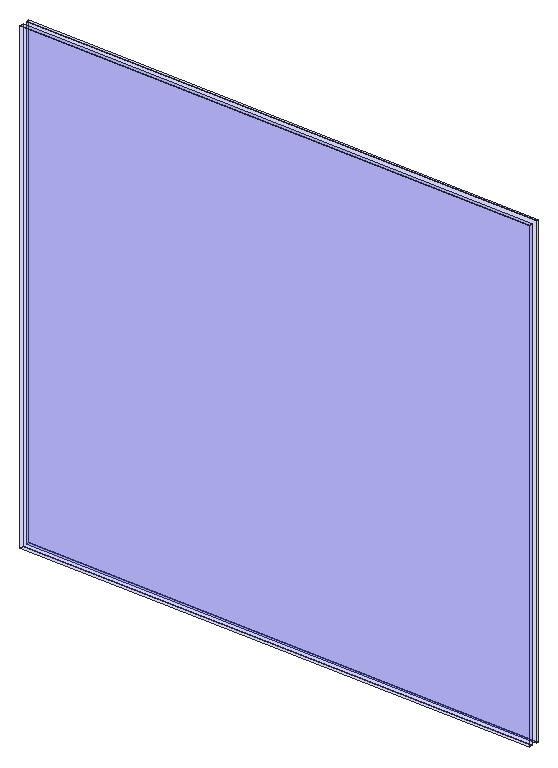
Revit family
Parameters (values of type "31 glasdubbel")
  plaatsingsmarge = 3 mm
  materiaal glas = Glass
  hoogte [instance] = 920 mm
  glasdikte voorzijde = 8 mm
  glasdikte achterzijde = 5 mm
  dikte = 22 mm
  breedte [instance] = 1000 mm
  Width = 1000 mm
  Rough Height = 156.4 mm
  Height = 920 mm
  Assembly Code = ""
Reference planes
  plane 1 "Center (Front/Back)": y = -47.092
  plane 2: z = 0
  plane 3 "Center (Left/Right)": x = 55.695
  plane 4 "onderzijde glas": z = 841.699
  plane 5 "Bovenzijde glas": z = 1755.699
  plane 6 "rechterzijde glas": x = 552.695
  plane 7 "Linkerzijdeglas": x = -441.305
  plane 8 "Voorzijde glas": y = -58.092
  plane 9 "Achterzijde glas": y = -36.092
  plane 10 "links": x = -444.305
  plane 11 "rechts": x = 555.695
  plane 12 "achter": y = -33.092
  plane 13 "voorzijde": y = -61.092
  plane 14 "bovenzijde": z = 1758.699
  plane 15 "onderzijde": z = 838.699
Forms (mm)
  Extrusion 1, solid, material "Glass" <- "materiaal glas", detail levels fine
    sketch origin (0, 0, 841.699) x (1, 0, 0) y (0, 1, 0)
      loop
        line (-441.305, -58.092) -> (552.695, -58.092) -> (552.695, -50.092) -> (-441.305, -50.092) -> (-441.305, -58.092)
    from 0 to 914
  Extrusion 2, solid, material "Glass" <- "materiaal glas", detail levels fine
    sketch origin (0, 280, 841.699) x (1, 0, 0) y (0, 1, 0)
      loop
        line (-441.305, -321.092) -> (552.695, -321.092) -> (552.695, -316.092) -> (-441.305, -316.092) -> (-441.305, -321.092)
    from 0 to 914
  Extrusion 3, solid, material "Glass" <- "materiaal glas", detail levels medium
    sketch origin (0, -425.801, 841.699) x (1, 0, 0) y (0, 1, 0)
      loop
        line (-441.305, 367.71) -> (552.695, 367.71) -> (552.695, 389.71) -> (-441.305, 389.71) -> (-441.305, 367.71)
    from 0 to 914
Lines and regions (mm)
  symbolic lines, detail levels medium
    curve 1: line (-441.305, -47.092, 0) -> (-441.305, -36.092, 0)
    curve 2: line (552.695, -36.092, 0) -> (552.695, -47.092, 0)
  symbolic lines, detail levels coarse
    curve 3: line (552.695, -47.092, 0) -> (-441.305, -47.092, 0)
  symbolic lines, detail levels fine
    curve 4: line (-441.305, -50.092, 0) -> (-441.305, -41.092, 0)
    curve 5: line (-429.305, -50.092, 0) -> (-429.305, -41.092, 0)
    curve 6: line (552.695, -47.092, 0) -> (552.695, -36.092, 0)
    curve 7: line (540.695, -50.092, 0) -> (540.695, -41.092, 0)
  symbolic lines, detail levels coarse+medium
    curve 8: line (-441.305, -47.092, 841.699) -> (-441.305, -47.092, 1755.699)
    curve 9: line (-441.305, -47.092, 1755.699) -> (552.695, -47.092, 1755.699)
    curve 10: line (552.695, -47.092, 1755.699) -> (552.695, -47.092, 841.699)
    curve 11: line (552.695, -47.092, 841.699) -> (-441.305, -47.092, 841.699)
    curve 12: line (55.695, -36.092, 841.699) -> (55.695, -36.092, 1755.699)
    curve 13: line (55.695, -36.092, 1755.699) -> (55.695, -58.092, 1755.699)
    curve 14: line (55.695, -58.092, 1755.699) -> (55.695, -58.092, 841.699)
    curve 15: line (55.695, -58.092, 841.699) -> (55.695, -36.092, 841.699)
Dimensions and locks
  equal spacing: plane 7 "Linkerzijdeglas", plane 3 "Center (Left/Right)", plane 6 "rechterzijde glas"
  equal spacing: plane 9 "Achterzijde glas", plane 1 "Center (Front/Back)", plane 8 "Voorzijde glas"
  "dikte": plane 9 "Achterzijde glas" to plane 8 "Voorzijde glas"
  "glasdikte voorzijde": Extrusion 1 sketch curve to Extrusion 1 sketch curve
  "plaatsingsmarge": plane 12 "achter" to plane 9 "Achterzijde glas"
  "plaatsingsmarge": plane 10 "links" to plane 7 "Linkerzijdeglas"
  "plaatsingsmarge": plane 6 "rechterzijde glas" to plane 11 "rechts"
  "plaatsingsmarge": plane 8 "Voorzijde glas" to plane 13 "voorzijde"
  "glasdikte achterzijde": Extrusion 2 sketch curve to Extrusion 2 sketch curve
  "plaatsingsmarge": plane 15 "onderzijde" to plane 4 "onderzijde glas"
  "plaatsingsmarge": plane 5 "Bovenzijde glas" to plane 14 "bovenzijde"
  plane 7 "Linkerzijdeglas" to curve 5 = 12 mm
  curve 7 to plane 6 "rechterzijde glas" = 12 mm
  "hoogte": plane 14 "bovenzijde" to plane 15 "onderzijde"
  "breedte": plane 10 "links" to plane 11 "rechts"
  aligned and locked: Extrusion 1 to plane 8 "Voorzijde glas"
  aligned and locked: plane 7 "Linkerzijdeglas" to Extrusion 1
  aligned and locked: Extrusion 1 to plane 6 "rechterzijde glas"
  aligned and locked: plane 5 "Bovenzijde glas" to Extrusion 1
  aligned and locked: Extrusion 1 to plane 4 "onderzijde glas"
  aligned and locked: curve 1 to plane 7 "Linkerzijdeglas"
  aligned and locked: plane 6 "rechterzijde glas" to curve 2
  aligned and locked: plane 9 "Achterzijde glas" to Extrusion 2
  aligned and locked: plane 5 "Bovenzijde glas" to Extrusion 2
  aligned and locked: Extrusion 2 to plane 4 "onderzijde glas"
  aligned and locked: Extrusion 2 to plane 6 "rechterzijde glas"
  aligned and locked: plane 7 "Linkerzijdeglas" to Extrusion 2
  aligned and locked: curve 4 to Extrusion 2
  aligned and locked: Extrusion 1 to curve 4
  aligned and locked: curve 4 to plane 7 "Linkerzijdeglas"
  aligned and locked: Extrusion 2 to curve 5
  aligned and locked: Extrusion 1 to curve 5
  aligned and locked: plane 9 "Achterzijde glas" to curve 6
  aligned and locked: curve 6 to plane 6 "rechterzijde glas"
  aligned and locked: Extrusion 2 to curve 7
  aligned and locked: Extrusion 1 to curve 7
  aligned and locked: curve 8 to plane 7 "Linkerzijdeglas"
  aligned and locked: plane 4 "onderzijde glas" to curve 11
  aligned and locked: plane 6 "rechterzijde glas" to curve 10
  aligned and locked: curve 9 to plane 5 "Bovenzijde glas"
  aligned and locked: curve 13 to plane 5 "Bovenzijde glas"
  aligned and locked: plane 4 "onderzijde glas" to curve 15
  aligned and locked: curve 12 to plane 9 "Achterzijde glas"
  aligned and locked: plane 8 "Voorzijde glas" to curve 14
  aligned and locked: curve 3 to plane 1 "Center (Front/Back)"
  aligned and locked: plane 7 "Linkerzijdeglas" to Extrusion 3
  aligned and locked: Extrusion 3 to plane 6 "rechterzijde glas"
  aligned and locked: Extrusion 3 to plane 4 "onderzijde glas"
  aligned and locked: plane 5 "Bovenzijde glas" to Extrusion 3
  aligned and locked: plane 9 "Achterzijde glas" to Extrusion 3
  aligned and locked: Extrusion 3 to plane 8 "Voorzijde glas"
Automatic sketch dimensions
  curve 1 to plane 9 "Achterzijde glas" = 0 mm
  Extrusion 1 sketch curve to plane 7 "Linkerzijdeglas" = 0 mm
  Extrusion 1 sketch curve to plane 6 "rechterzijde glas" = 0 mm
  Extrusion 1 sketch curve to plane 8 "Voorzijde glas" = 0 mm
  Extrusion 2 sketch curve to plane 7 "Linkerzijdeglas" = 0 mm
  Extrusion 2 sketch curve to plane 6 "rechterzijde glas" = 0 mm
  Extrusion 2 sketch curve to plane 9 "Achterzijde glas" = 0 mm
  Extrusion 3 sketch curve to plane 7 "Linkerzijdeglas" = 0 mm
  Extrusion 3 sketch curve to plane 6 "rechterzijde glas" = 0 mm
  plane 13 "voorzijde" to Extrusion 3 sketch curve = 3 mm
  Extrusion 3 sketch curve to Extrusion 3 sketch curve = 22 mm
